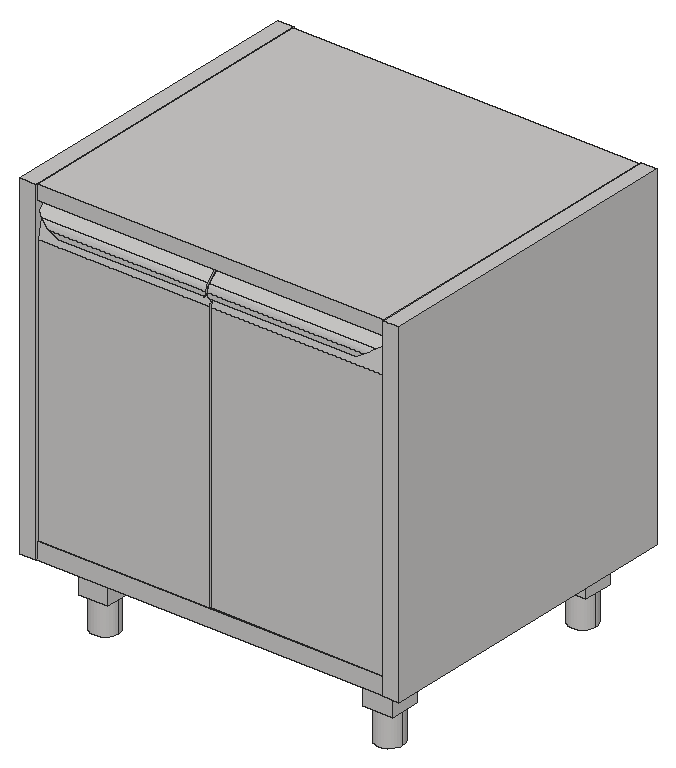
Revit family "QF_ELECTROLUXPROFESSIONAL_121820_TER2P8DA", category Attrezzature speciali, Revit 2020
Family settings
  Quota connettore circolare = Usa diametro
  Tipo di parte = Normale
  Basato su piano di lavoro = No
  Sempre verticale = Sì
  Taglio con vuoti quando caricato = No
  Condiviso = No
  Punto di calcolo locali = No
Parameters (values of type "Standard")
  Weight = 27.00 kg
  Watts = 0 W
  Volts = 0 V
  URL Manufacturer = "https://www.electroluxprofessional.com/"
  URL = "https://www.electroluxprofessional.com/"
  Steam Supply Size = 0 mm
  Steam Supply Minimum Pressure = 0.0 Pa
  Steam Supply Maximum Pressure = 0.0 Pa
  Steam Consumption per Hour = 0
  Refrigeration Suction Line Size = 0.0 mm
  Refrigeration Liquid Line Size = 0.0 mm
  Refrigerant Compressor Remote = yes
  Prospetto di default = 0.0 mm
  Phase = 0
  Modello = "TER2P8DA"
  Produttore = "Electrolux Professional"
  Length Actual = 800.0 mm  # constant formula
  Item Number = "121820"
  Hot Water Size = 0 mm
  Height Actual = 860.0 mm  # constant formula
  HP = "0 HP"
  Gas Size = 0 mm
  Gas KW = 0
  Gas Input Pressure = 0 W
  Direct Waste Size = 0 mm
  Descrizione = "AMBIENT UNIT PASS-THRU 2+2 DOORS 800MM"
  Depth Actual = 680.0 mm  # constant formula
  Cycle = 0 Hz
  Condensate Return Size = 0 mm
  Compressed Air Volume = 0.0 L/s
  Compressed Air Size = 0 mm
  Compressed Air Pressure = 0.0 Pa
  Cold Water Size = 0 mm
  Accessory = yes
Reference planes
  plane 1 "Center (Front/Back)": y = 0
  plane 2: z = 0
  plane 3 "Center (Left/Right)": x = -300
  plane 4 "LEFT": x = -700
  plane 5 "RIGHT": x = 100
  plane 6 "BACK": y = 340
  plane 7 "FRONT": y = -340
  plane 8 "Base": z = 860
  plane 9 "TOP": z = 900
  plane 10: x = -600
  plane 11: x = 0
  plane 12: y = 270
  plane 13: y = -240
  plane 14 "FEET": z = 150
  plane 15: x = -666
  plane 16: x = 66
  plane 17: y = -337
  plane 18: y = 297
  plane 19: y = -700
  plane 20: y = 337
Forms (mm)
  Extrusion 1, solid, material "QF_Finishes_Stainless Steel"
    sketch origin (0, 0, 150) x (-1, 0, 0) y (0, -1, 0)
      loop
        line (700, -340) -> (700, 340) -> (666, 340) -> (666, -340) -> (700, -340)
      loop
        line (-66, -340) -> (-66, 340) -> (-100, 340) -> (-100, -340) -> (-66, -340)
    from 0 to 710
  Extrusion 2, solid, material "QF_Finishes_Stainless Steel"
    sketch origin (0, 0, 150) x (-1, 0, 0) y (0, -1, 0)
      loop
        line (666, 337) -> (-66, 337) -> (-66, -337) -> (666, -337) -> (666, 337)
    from 0 to 35
  Extrusion 3, solid, material "QF_Finishes_Stainless Steel"
    sketch origin (0, 0, 0) x (1, 0, 0) y (0, 1, 0)
      loop
        line (-666, 297) -> (-666, -297) -> (66, -297) -> (66, 297) -> (-666, 297)
    from 490 to 520
  Extrusion 4, solid, material "QF_Finishes_Stainless Steel"
    sketch origin (0, 0, 0) x (1, 0, 0) y (0, 1, 0)
      loop
        line (-666, -337) -> (66, -337) -> (66, 337) -> (-666, 337) -> (-666, -337)
    from 830 to 860
Lines and regions (mm)
  symbolic lines, style "SpecialityEquipmentHiddenLines"
    curve 1: line (100, -340, 900) -> (100, 340, 900)
    curve 2: line (-700, -344.5, 150) -> (-700, 340, 150)
    curve 3: line (-700, -340, 150) -> (-666, -340, 150)
    curve 4: line (-666, -340, 150) -> (-666, -337, 150)
    curve 5: line (-666, -337, 150) -> (66, -337, 150)
    curve 6: line (66, -337, 150) -> (66, -340, 150)
    curve 7: line (66, -340, 150) -> (100, -340, 150)
    curve 8: line (-700, 340, 150) -> (-666, 340, 150)
    curve 9: line (-666, 340, 150) -> (-666, 337, 150)
    curve 10: line (-666, 337, 150) -> (66, 337, 150)
    curve 11: line (66, 337, 150) -> (66, 340, 150)
    curve 12: line (66, 340, 150) -> (100, 340, 150)
Dimensions and locks
  plane 4 "LEFT" to plane 5 "RIGHT" = 800.0 mm
  equal spacing: plane 4 "LEFT", plane 3 "Center (Left/Right)", plane 5 "RIGHT"
  plane 6 "BACK" to plane 7 "FRONT" = 680.0 mm
  equal spacing: plane 6 "BACK", plane 1 "Center (Front/Back)", plane 7 "FRONT"
  locked: plane 14 "FEET" to level at 150
  locked: plane 4 "LEFT" to plane 10 at 100
  locked: plane 11 to plane 5 "RIGHT" at 100
  locked: plane 4 "LEFT" to plane 15 at 34
  locked: plane 16 to plane 5 "RIGHT" at 34
  plane 17 to plane 7 "FRONT" = 3.0 mm
  plane 6 "BACK" to plane 18 = 43.0 mm
  locked: plane 6 "BACK" to plane 12 at 70
  locked: plane 13 to plane 7 "FRONT" at 100
  locked: plane 8 "Base" to level at 860
  locked: plane 9 "TOP" to level at 900
  plane 6 "BACK" to plane 19 = 1040.0 mm
  plane 6 "BACK" to plane 20 = 3.0 mm
  aligned and locked: level to plane 2
  aligned and locked: plane 10 to nested 1
  aligned and locked: plane 11 to nested 2
  aligned and locked: plane 11 to nested 4
  aligned and locked: nested 4 to plane 12
  aligned and locked: plane 10 to nested 3
  aligned and locked: nested 3 to plane 12
  aligned and locked: plane 8 "Base" to Extrusion 1
  aligned and locked: plane 6 "BACK" to Extrusion 1 sketch curve
  aligned and locked: Extrusion 1 sketch curve to plane 6 "BACK"
  aligned and locked: plane 7 "FRONT" to Extrusion 1 sketch curve
  aligned and locked: Extrusion 1 sketch curve to plane 7 "FRONT"
  aligned and locked: plane 15 to Extrusion 1
  aligned and locked: Extrusion 1 to plane 16
  aligned and locked: Extrusion 2 to plane 15
  aligned and locked: plane 16 to Extrusion 2
  aligned and locked: plane 16 to Extrusion 3
  aligned and locked: Extrusion 3 to plane 15
  aligned and locked: plane 8 "Base" to Extrusion 4
  aligned and locked: Extrusion 2 to plane 17
  aligned and locked: Extrusion 3 to plane 18
  aligned and locked: Extrusion 4 to plane 17
  aligned and locked: nested 1 to plane 13
  aligned and locked: nested 2 to plane 13
Automatic sketch dimensions
  curve 1 to plane 5 "RIGHT" = 0.0 mm
  curve 1 to plane 7 "FRONT" = 0.0 mm
  curve 1 to plane 6 "BACK" = 0.0 mm
  Extrusion 1 sketch curve to plane 5 "RIGHT" = 0.0 mm
  Extrusion 1 sketch curve to plane 16 = 0.0 mm
  Extrusion 1 sketch curve to plane 15 = 0.0 mm
  Extrusion 1 sketch curve to plane 4 "LEFT" = 0.0 mm
  Extrusion 2 sketch curve to plane 16 = 0.0 mm
  Extrusion 2 sketch curve to plane 15 = 0.0 mm
  Extrusion 2 sketch curve to plane 20 = 0.0 mm
  Extrusion 2 sketch curve to plane 17 = 0.0 mm
  curve 7 to plane 5 "RIGHT" = 0.0 mm
  curve 12 to plane 5 "RIGHT" = 0.0 mm
  curve 12 to plane 6 "BACK" = 0.0 mm
  curve 12 to plane 16 = 0.0 mm
  curve 7 to plane 7 "FRONT" = 0.0 mm
  curve 7 to plane 16 = 0.0 mm
  curve 5 to plane 15 = 0.0 mm
  curve 8 to plane 6 "BACK" = 0.0 mm
  curve 8 to plane 15 = 0.0 mm
  curve 2 to plane 4 "LEFT" = 0.0 mm
  curve 9 to plane 20 = 0.0 mm
  curve 4 to plane 17 = 0.0 mm
  curve 4 to plane 7 "FRONT" = 0.0 mm
  curve 3 to curve 2 = 4.5 mm
  Extrusion 3 sketch curve to plane 15 = 0.0 mm
  Extrusion 3 sketch curve to plane 16 = 0.0 mm
  plane 18 to Extrusion 3 sketch curve = 0.0 mm
  plane 17 to Extrusion 3 sketch curve = 40.0 mm
  Extrusion 4 sketch curve to plane 15 = 0.0 mm
  Extrusion 4 sketch curve to plane 16 = 0.0 mm
  Extrusion 4 sketch curve to plane 17 = 0.0 mm
  Extrusion 4 sketch curve to plane 20 = 0.0 mm
Nested families
  nested 1: "FEET_L63-150" at (-600, -240, 0), type "FEET_L63-150"
  nested 2: "FEET_L63-150" at (0, -240, 0), type "FEET_L63-150"
  nested 3: "FEET_L63-150" at (-600, 270, 0), type "FEET_L63-150"
  nested 4: "FEET_L63-150" at (0, 270, 0), type "FEET_L63-150"
  nested 5: "H637_800_2DOORS" at (-336.042, -297, 149) x (1, 0, 0) z (0, -1, 0), type "H637_800_2DOORS"
    with Width 800.0 mm, Show Clearance yes
  nested 6: "H637_800_2DOORS" at (-263.958, 297, 149) x (-1, 0, 0) z (0, 1, 0), type "H637_800_2DOORS"
    with Width 800.0 mm, Show Clearance yes
Definition of nested family "FEET_L63-150"
  Parameters
    Default Elevation = 0.0 mm
    FEET = 150.0 mm
  Reference planes
    plane 1 "Center (Front/Back)": y = 0
    plane 2: z = 0
    plane 3 "Center (Left/Right)": x = 0
    plane 4: z = 150
  Forms (mm)
    Extrusion 1, solid
      sketch origin (0, 0, 0) x (1, 0, 0) y (0, 1, 0)
        loop
          circle (0, 0) r 28
      from 0 to 67
    Extrusion 2, solid
      sketch origin (0, 0, 0) x (1, 0, 0) y (0, 1, 0)
        loop
          line (31.561, 31.5) -> (-31.439, 31.5) -> (-31.439, -31.5) -> (31.561, -31.5) -> (31.561, 31.5)
      from 67 to 150 <- "FEET"
  Lines and regions (mm)
    symbolic lines
      curve 1: line (0, -1.503, 0) -> (0, 1.508, 0)
      curve 2: line (1.561, 0, 0) -> (-1.439, 0, 0)
  Dimensions and locks
    "FEET": plane 4 to plane 2
    aligned and locked: level to plane 2
  Automatic sketch dimensions
    plane 1 "Center (Front/Back)" to Extrusion 1 sketch curve = 0.0 mm
    Extrusion 1 sketch curve to plane 3 "Center (Left/Right)" = 0.0 mm
    plane 1 "Center (Front/Back)" to curve 2 = 0.0 mm
    curve 1 to plane 3 "Center (Left/Right)" = 0.0 mm
    curve 2 to plane 3 "Center (Left/Right)" = 1.439 mm
    plane 3 "Center (Left/Right)" to curve 2 = 1.561 mm
    plane 1 "Center (Front/Back)" to curve 1 = 1.503 mm
    curve 1 to plane 1 "Center (Front/Back)" = 1.508 mm
    Extrusion 2 sketch curve to plane 1 "Center (Front/Back)" = 31.5 mm
    Extrusion 2 sketch curve to plane 3 "Center (Left/Right)" = 31.439 mm
    plane 3 "Center (Left/Right)" to Extrusion 2 sketch curve = 31.561 mm
    plane 1 "Center (Front/Back)" to Extrusion 2 sketch curve = 31.5 mm
    radius of Extrusion 1 sketch curve = 28.0 mm
Definition of nested family "H637_800_2DOORS"
  Parameters
    Width [instance] = 800.0 mm
    Show Clearance [instance] = yes
    Model = "727995"
    Height = 710.0 mm
    Default Elevation = 0.0 mm
  Reference planes
    plane 1 "Center (Front/Back)": y = 0
    plane 2: z = 0
    plane 3 "Center (Left/Right)": x = 36.042
    plane 4 "panel": z = 25
    plane 5 "Left": x = -363.958
    plane 6 "Right": x = 436.042
    plane 7: y = 710
    plane 8: z = 45
    plane 9: x = 399.042
    plane 10: x = -326.958
    plane 11: y = 672
    plane 12: y = 38
    plane 13: z = 403
    plane 14: x = 33.762
    plane 15: x = 38.322
  Forms (mm)
    Extrusion 1, solid
      sketch origin (0, -919.2, 0) x (1, 0, 0) y (0, 1, 0)
        loop
          line (-980.5, 2119.2) -> (-980.5, -162.846) -> (881.94, -162.846) -> (881.94, 2119.2) -> (-980.5, 2119.2)
      from 0 to -59.546
    Extrusion 2, solid
      sketch origin (36.042, -219.693, 0) x (0, 1, 0) y (0, 0, 1)
        loop
          line (848.63, 49.734) -> (848.63, 47.734) -> (858.98, 47.734)
          arc (858.98, 47.734) -> (865.586, 46.42) -> (871.186, 42.679) r 17.261
          line (871.186, 42.679) -> (888.019, 25.845) -> (891.693, 25) -> (872.6, 44.093)
          arc (872.6, 44.093) -> (866.351, 48.268) -> (858.98, 49.734) r 19.261
          line (858.98, 49.734) -> (848.63, 49.734)
      from 2.28 to 363
    Extrusion 3, void
      sketch origin (0, -219.693, 25) x (1, 0, 0) y (0, 1, 0)
        loop
          line (404.066, 839.859) -> (404.066, 882.225) -> (399.042, 882.225)
          arc (399.042, 882.225) -> (398.688, 880.688) -> (397.873, 879.339) r 5
          line (397.873, 879.339) -> (355.197, 850.51)
          arc (355.197, 850.51) -> (352.266, 849.11) -> (349.054, 848.63) r 10.974
          line (349.054, 848.63) -> (43.082, 848.63)
          arc (43.082, 848.63) -> (39.716, 850.024) -> (38.322, 853.39) r 4.76
          line (38.322, 853.39) -> (38.322, 839.859) -> (404.066, 839.859)
      from 0 to 27.674
    Extrusion 4, solid
      sketch origin (36.042, -190, 0) x (0, 1, 0) y (0, 0, 1)
        loop
          line (228, 40) -> (228, 0) -> (862, 0) -> (862, 25) -> (796.797, 40) -> (228, 40)
      from 363 to 2.28
    Extrusion 5, solid
      sketch origin (36.042, -219.693, 0) x (0, 1, 0) y (0, 0, -1)
        loop
          line (848.63, -49.734) -> (858.98, -49.734)
          arc (858.98, -49.734) -> (866.351, -48.268) -> (872.6, -44.093) r 19.261
          line (872.6, -44.093) -> (891.693, -25) -> (888.019, -25.845) -> (871.186, -42.679)
          arc (871.186, -42.679) -> (865.586, -46.42) -> (858.98, -47.734) r 17.261
          line (858.98, -47.734) -> (848.63, -47.734) -> (848.63, -49.734)
      from 2.28 to 363
    Extrusion 6, void
      sketch origin (72.084, -219.693, 25) x (-1, 0, 0) y (0, -1, 0)
        loop
          line (404.066, -839.859) -> (38.322, -839.859) -> (38.322, -853.39)
          arc (38.322, -853.39) -> (39.716, -850.024) -> (43.082, -848.63) r 4.76
          line (43.082, -848.63) -> (349.054, -848.63)
          arc (349.054, -848.63) -> (352.266, -849.11) -> (355.197, -850.51) r 10.974
          line (355.197, -850.51) -> (397.873, -879.339)
          arc (397.873, -879.339) -> (398.688, -880.688) -> (399.042, -882.225) r 5
          line (399.042, -882.225) -> (404.066, -882.225) -> (404.066, -839.859)
      from 0 to 27.674
    Extrusion 7, solid
      sketch origin (36.042, -190, 0) x (0, 1, 0) y (0, 0, -1)
        loop
          line (228, -40) -> (796.797, -40) -> (862, -25) -> (862, 0) -> (228, 0) -> (228, -40)
      from 363 to 2.28
    Extrusion 8, solid, detail levels coarse
      sketch origin (0, 0, 0) x (1, 0, 0) y (0, 0, 1)
        loop
          arc (33.762, 49.734) -> (-69.613, 304.977) -> (-326.958, 403) r 344.617
          line (-326.958, 403) -> (-326.958, 49.734) -> (33.762, 49.734)
        loop
          line (38.322, 49.734) -> (399.042, 49.734) -> (399.042, 403)
          arc (399.042, 403) -> (141.697, 304.977) -> (38.322, 49.734) r 344.617
      from -672 to -38
  Cuts and joins
    Extrusion 3, Extrusion 6 cuts Extrusion 2
    Extrusion 6 cuts Extrusion 4
    Extrusion 6 cuts Extrusion 5
  Lines and regions (mm)
    symbolic lines
      curve 1: line (399.042, 0, 40) -> (399.042, 0, 403)
      curve 2: line (367.735, 0, 49.734) -> (38.322, 0, 49.734)
      curve 3: spline (387.459, 0, 44.389) -> (385.921, 0, 45.265) -> (384.356, 0, 46.066) -> (382.765, 0, 46.791) -> (381.151, 0, 47.437) -> (379.517, 0, 48.005) -> (377.865, 0, 48.493) -> (376.198, 0, 48.9) -> (374.519, 0, 49.226) -> (372.831, 0, 49.471) -> (371.136, 0, 49.633) -> (369.436, 0, 49.712) -> (367.736, 0, 49.71)
      curve 4: line (393.956, 0, 40) -> (387.459, 0, 44.389)
      curve 5: arc (38.322, 0, 49.734) -> (141.697, 0, 304.977) -> (399.042, 0, 403) r 344.617
      curve 6: arc (33.762, 0, 49.734) -> (-69.613, 0, 304.977) -> (-326.958, 0, 403) r 344.617
      curve 7: line (-326.958, 0, 403) -> (-326.958, 0, 40)
      curve 8: spline (-315.375, 0, 44.389) -> (-313.837, 0, 45.265) -> (-312.272, 0, 46.066) -> (-310.681, 0, 46.791) -> (-309.067, 0, 47.437) -> (-307.433, 0, 48.005) -> (-305.781, 0, 48.493) -> (-304.114, 0, 48.9) -> (-302.435, 0, 49.226) -> (-300.747, 0, 49.471) -> (-299.052, 0, 49.633) -> (-297.352, 0, 49.712) -> (-295.652, 0, 49.71)
      curve 9: line (-321.872, 0, 40) -> (-315.375, 0, 44.389)
      curve 10: line (33.762, 0, 49.734) -> (33.762, 0, 40)
      curve 11: line (38.322, 0, 40) -> (38.322, 0, 49.734)
      curve 12: line (33.762, 0, 49.734) -> (-296.238, 0, 49.734)
  Dimensions and locks
    plane 4 "panel" to level = 25.0 mm
    "Width": plane 5 "Left" to plane 6 "Right"
    equal spacing: plane 5 "Left", plane 3 "Center (Left/Right)", plane 6 "Right"
    "Height": plane 1 "Center (Front/Back)" to plane 7
    plane 9 to plane 6 "Right" = 37.0 mm
    plane 5 "Left" to plane 10 = 37.0 mm
    plane 7 to plane 11 = 38.0 mm
    plane 1 "Center (Front/Back)" to plane 12 = 38.0 mm
    plane 10 to plane 9 = 726.0 mm
    aligned and locked: plane 2 to Extrusion 1
    aligned and locked: level to Extrusion 1
    aligned and locked: plane 9 to Extrusion 2
    aligned and locked: plane 9 to Extrusion 4
  Automatic sketch dimensions
    Extrusion 1 sketch curve to Extrusion 1 sketch curve = 1862.44 mm
    Extrusion 1 sketch curve to Extrusion 1 sketch curve = 2282.046 mm
    Extrusion 2 sketch curve to Extrusion 2 sketch curve = 0.0 mm  (x2)
    Extrusion 2 sketch curve to plane 4 "panel" = 0.0 mm
    Extrusion 2 sketch curve to plane 11 = 0.0 mm
    plane 4 "panel" to Extrusion 2 sketch curve = 0.845 mm
    Extrusion 2 sketch curve to plane 11 = 3.674 mm
    Extrusion 2 sketch curve to plane 8 = 0.907 mm
    Extrusion 2 sketch curve to plane 11 = 19.093 mm
    Extrusion 2 sketch curve to plane 8 = 2.321 mm
    Extrusion 2 sketch curve to Extrusion 2 sketch curve = 1.414 mm
    plane 4 "panel" to Extrusion 2 sketch curve = 5.474 mm
    Extrusion 2 sketch curve to Extrusion 2 sketch curve = 12.205 mm
    Extrusion 2 sketch curve to Extrusion 2 sketch curve = 10.351 mm
    Extrusion 4 sketch curve to plane 12 = 0.0 mm
    Extrusion 4 sketch curve to plane 4 "panel" = 0.0 mm
    Extrusion 4 sketch curve to plane 11 = 0.0 mm
    Extrusion 4 sketch curve to level = 0.0 mm
    Extrusion 4 sketch curve to plane 8 = 5.0 mm
    Extrusion 4 sketch curve to plane 11 = 65.203 mm
    Extrusion 5 sketch curve to Extrusion 5 sketch curve = 0.0 mm  (x2)
    Extrusion 5 sketch curve to plane 4 "panel" = 0.0 mm
    Extrusion 5 sketch curve to plane 11 = 0.0 mm
    plane 4 "panel" to Extrusion 5 sketch curve = 0.845 mm
    Extrusion 5 sketch curve to plane 11 = 3.674 mm
    Extrusion 5 sketch curve to plane 8 = 0.907 mm
    Extrusion 5 sketch curve to plane 11 = 19.093 mm
    Extrusion 5 sketch curve to plane 8 = 2.321 mm
    Extrusion 5 sketch curve to Extrusion 5 sketch curve = 1.414 mm
    plane 4 "panel" to Extrusion 5 sketch curve = 5.474 mm
    Extrusion 5 sketch curve to Extrusion 5 sketch curve = 12.205 mm
    Extrusion 5 sketch curve to Extrusion 5 sketch curve = 10.351 mm
    Extrusion 6 sketch curve to plane 14 = 0.0 mm
    Extrusion 6 sketch curve to plane 10 = 0.0 mm
    Extrusion 6 sketch curve to plane 14 = 4.76 mm
    plane 10 to Extrusion 6 sketch curve = 49.988 mm
    Extrusion 6 sketch curve to Extrusion 6 sketch curve = 6.143 mm
    plane 10 to Extrusion 6 sketch curve = 4.988 mm
    plane 10 to Extrusion 6 sketch curve = 1.169 mm
    Extrusion 6 sketch curve to plane 10 = 5.024 mm
    plane 11 to Extrusion 6 sketch curve = 51.834 mm
    Extrusion 6 sketch curve to Extrusion 6 sketch curve = 8.771 mm
    Extrusion 6 sketch curve to Extrusion 6 sketch curve = 1.88 mm
    plane 11 to Extrusion 6 sketch curve = 12.354 mm
    Extrusion 6 sketch curve to Extrusion 6 sketch curve = 2.886 mm
    Extrusion 7 sketch curve to plane 12 = 0.0 mm
    Extrusion 7 sketch curve to plane 4 "panel" = 0.0 mm
    Extrusion 7 sketch curve to plane 11 = 0.0 mm
    Extrusion 7 sketch curve to level = 0.0 mm
    Extrusion 7 sketch curve to plane 8 = 5.0 mm
    Extrusion 7 sketch curve to plane 11 = 65.203 mm
    Extrusion 3 sketch curve to plane 15 = 0.0 mm
    Extrusion 3 sketch curve to plane 9 = 0.0 mm
    Extrusion 3 sketch curve to Extrusion 3 sketch curve = 4.76 mm
    Extrusion 3 sketch curve to plane 9 = 49.988 mm
    Extrusion 3 sketch curve to Extrusion 3 sketch curve = 6.143 mm
    Extrusion 3 sketch curve to plane 9 = 4.988 mm
    Extrusion 3 sketch curve to plane 9 = 1.169 mm
    plane 9 to Extrusion 3 sketch curve = 5.024 mm
    Extrusion 3 sketch curve to plane 11 = 51.834 mm
    Extrusion 3 sketch curve to Extrusion 3 sketch curve = 8.771 mm
    Extrusion 3 sketch curve to Extrusion 3 sketch curve = 1.88 mm
    Extrusion 3 sketch curve to plane 11 = 12.354 mm
    Extrusion 3 sketch curve to Extrusion 3 sketch curve = 2.886 mm
    plane 10 to Extrusion 8 sketch curve = 0.0 mm
    plane 14 to Extrusion 8 sketch curve = 0.0 mm
    Extrusion 8 sketch curve to plane 15 = 0.0 mm
    Extrusion 8 sketch curve to plane 9 = 0.0 mm
    Extrusion 8 sketch curve to plane 13 = 0.0 mm  (x2)
    plane 8 to Extrusion 8 sketch curve = 13.765 mm  (x2)
    Extrusion 8 sketch curve to Extrusion 8 sketch curve = 16.222 mm  (x2)
    plane 10 to curve 7 = 0.0 mm
    plane 14 to curve 10 = 0.0 mm
    curve 11 to plane 15 = 0.0 mm
    curve 5 to plane 9 = 0.0 mm
    curve 5 to plane 13 = 0.0 mm
    curve 6 to plane 13 = 0.0 mm
    curve 9 to plane 8 = 0.611 mm
    curve 9 to plane 10 = 11.583 mm
    plane 8 to curve 6 = 13.765 mm
    curve 9 to curve 6 = 4.639 mm
    plane 8 to curve 5 = 13.765 mm
    curve 5 to curve 1 = 16.222 mm
    curve 4 to plane 8 = 0.611 mm
    curve 4 to plane 9 = 11.583 mm
    curve 7 to curve 9 = 5.086 mm
    curve 8 to level = 1.281 mm
    curve 8 to plane 10 = 30.398 mm
    curve 8 to curve 12 = 0.322 mm
    curve 12 to curve 8 = 0.586 mm
    curve 2 to curve 5 = 15.085 mm
    curve 2 to curve 3 = 0.0 mm
    curve 3 to level = 1.281 mm
    curve 3 to plane 9 = 30.398 mm
    curve 4 to plane 9 = 5.086 mm
    curve 4 to plane 8 = 5.0 mm
    curve 11 to plane 8 = 5.0 mm
    curve 10 to curve 11 = 0.0 mm
    curve 1 to plane 8 = 5.0 mm
    curve 9 to plane 8 = 5.0 mm
    curve 7 to plane 8 = 5.0 mm
    curve 8 to curve 12 = 0.025 mm
    curve 3 to curve 2 = 0.025 mm
